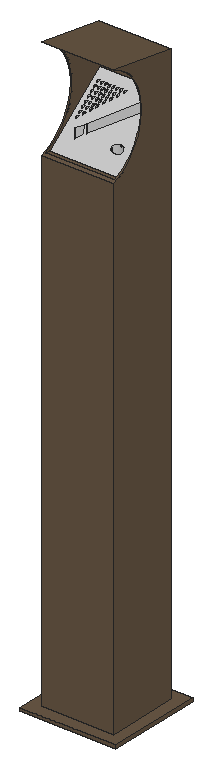
Revit family "Cenicero Clash", category Furniture, Revit 2020
Family settings
  Work Plane-Based = No
  Always vertical = Yes
  Cut with Voids When Loaded = No
  Shared = No
  Room Calculation Point = No
Parameters (values of type "Cenicero Clash-VC1-1000mm")
  URL Producto = "https://www.benito.com/es/mobiliario-urbano/complementos/clash--VC1.html"
  Type Comments = ""
  Referencia = "VC1"
  Material = Acero Ferrus
  H1 = 0.170 m
  H = 1.000 m
  Ficha técnica = "https://www.benito.com/es/download/data-sheet-VC1"
  Fabricante = "BENITO URBAN SL"
  Description = "Cenicero de pie fabricado con cuerpo y cubeta fabricado en acero con tratamiento Ferrus"
  Default Elevation = 0.000 m
  C = 0.120 m
  A = 0.160 m
Types (2, lengths in m): name | Referencia | H | A
  Cenicero Clash-VC1-1000mm | "VC1" | 1.000 | 0.160
  Cenicero Clash-VC2-355mm | "VC2" | 0.355 | 0.120
Reference planes (m)
  plane 1 "Center (Front/Back)": y = 0
  plane 2: z = 0
  plane 3 "Center (Left/Right)": x = 0
  plane 4: z = 1
  plane 5: x = 0.08
  plane 6: x = -0.08
  plane 7: y = 0.08
  plane 8: y = -0.08
  plane 9: x = 0.06
  plane 10: x = -0.06
  plane 11: y = 0.06
  plane 12: y = -0.06
  plane 13: z = 0.83
  plane 14: z = 0.95
  plane 15: z = 0.78
Forms (m)
  Extrusion 1, solid, material "Acero Ferrus"
    sketch origin (0, 0, 0) x (1, 0, 0) y (0, 1, 0)
      loop
        line (-0.08, 0.08) -> (-0.08, -0.08) -> (0.08, -0.08) -> (0.08, 0.08) -> (-0.08, 0.08)
    from 0 to 0.005
  Extrusion 2, solid, material "Acero Ferrus"
    sketch origin (0, 0, 0) x (1, 0, 0) y (0, 1, 0)
      loop
        line (-0.06, 0.06) -> (-0.06, -0.06) -> (0.06, -0.06) -> (0.06, 0.06) -> (-0.06, 0.06)
    from 0.005 to 1
  Extrusion 3, void
    sketch origin (0, 0, 0) x (0, 1, 0) y (0, 0, 1)
      loop
        arc (-0.06, 0.83) -> (0, 0.915) -> (-0.06, 1) r 0.090208
        line (-0.06, 1) -> (-0.06, 0.83)
    from -0.092453 to 0.091108
  Extrusion 4, void
    sketch origin (0, 0, 0) x (0, 1, 0) y (0, 0, 1)
      loop
        line (-0.06, 1) -> (0.06, 0.98) -> (0.06, 1) -> (-0.06, 1)
    from -0.120066 to 0.121697
  Extrusion 5, void
    sketch origin (0, 0, 0) x (0, 1, 0) y (0, 0, 1)
      loop
        line (0.0575, 0.977882) -> (-0.057911, 0.997117) -> (-0.057911, 0.8325) -> (0.0575, 0.8325) -> (0.0575, 0.977882)
    from -0.0575 to 0.0575
  Extrusion 6, solid, material "Acero galvanizado"
    sketch origin (0, 0, 0) x (0, 1, 0) y (0, 0, 1)
      loop
        line (-0.046701, 0.8325) -> (0.0575, 0.8325) -> (0.0575, 0.913911) -> (-0.046701, 0.8325)
    from -0.0575 to 0.0575
  Extrusion 7, void
    sketch origin (0, 0, 0) x (1, 0, 0) y (0, 1, 0)
      loop
        circle (-0.04674, -0.0029) r 0.002
      loop
        circle (-0.04674, 0.003566) r 0.002
      loop
        circle (-0.04674, 0.010116) r 0.002
      loop
        circle (-0.04674, 0.016079) r 0.002
      loop
        circle (-0.04674, 0.022461) r 0.002
      loop
        circle (-0.04674, 0.028675) r 0.002
      loop
        circle (-0.04674, 0.034805) r 0.002
      loop
        circle (-0.04674, 0.041187) r 0.002
      loop
        circle (-0.04024, 0.003566) r 0.002
      loop
        circle (-0.04024, 0.010116) r 0.002
      loop
        circle (-0.04024, 0.016079) r 0.002
      loop
        circle (-0.04024, 0.022461) r 0.002
      loop
        circle (-0.04024, 0.028675) r 0.002
      loop
        circle (-0.04024, 0.034805) r 0.002
      loop
        circle (-0.04024, 0.041187) r 0.002
      loop
        circle (-0.03374, 0.010116) r 0.002
      loop
        circle (-0.03374, 0.016079) r 0.002
      loop
        circle (-0.03374, 0.022461) r 0.002
      loop
        circle (-0.03374, 0.028675) r 0.002
      loop
        circle (-0.03374, 0.034805) r 0.002
      loop
        circle (-0.03374, 0.041187) r 0.002
      loop
        circle (-0.02724, 0.016079) r 0.002
      loop
        circle (-0.02724, 0.022461) r 0.002
      loop
        circle (-0.02724, 0.028675) r 0.002
      loop
        circle (-0.02724, 0.034805) r 0.002
      loop
        circle (-0.02724, 0.041187) r 0.002
      loop
        circle (-0.02074, 0.022461) r 0.002
      loop
        circle (-0.02074, 0.028675) r 0.002
      loop
        circle (-0.02074, 0.034805) r 0.002
      loop
        circle (-0.02074, 0.041187) r 0.002
      loop
        circle (-0.01424, 0.028675) r 0.002
      loop
        circle (-0.01424, 0.034805) r 0.002
      loop
        circle (-0.01424, 0.041187) r 0.002
      loop
        circle (-0.00774, 0.034805) r 0.002
      loop
        circle (-0.00774, 0.041187) r 0.002
      loop
        circle (-0.00124, 0.041187) r 0.002
      loop
        line (-0.028264, -0.005073) -> (-0.020869, -0.015508) -> (0.040867, 0.029708) -> (0.03304, 0.040146) -> (-0.028264, -0.005073)
      loop
        line (-0.023041, -0.017248) -> (-0.030436, -0.006814) -> (-0.04087, -0.014202) -> (-0.033044, -0.02464) -> (-0.023041, -0.017248)
      loop
        spline (0.024369, -0.019376) -> (0.02471, -0.02085) -> (0.025709, -0.022224) -> (0.027298, -0.023403) -> (0.029369, -0.024309) -> (0.031781, -0.024877) -> (0.034369, -0.025072) -> (0.036957, -0.024877) -> (0.039369, -0.024309) -> (0.04144, -0.023403) -> (0.043029, -0.022224) -> (0.044028, -0.02085) -> (0.044369, -0.019376)
        spline (0.044369, -0.019376) -> (0.044028, -0.017902) -> (0.043029, -0.016529) -> (0.04144, -0.015349) -> (0.039369, -0.014444) -> (0.036957, -0.013875) -> (0.034369, -0.013681) -> (0.031781, -0.013875) -> (0.029369, -0.014444) -> (0.027298, -0.015349) -> (0.025709, -0.016529) -> (0.02471, -0.017902) -> (0.024369, -0.019376)
    from 0.78 to 0.95
Cuts and joins
  Extrusion 3, Extrusion 4, Extrusion 5, Extrusion 7 cuts Extrusion 2
  Extrusion 7 cuts Extrusion 1
  Extrusion 7 cuts Extrusion 6
Dimensions and locks (m)
  "H": plane 4 to plane 2
  equal spacing: plane 6, plane 3 "Center (Left/Right)", plane 5
  "A": plane 6 to plane 5
  equal spacing: plane 8, plane 1 "Center (Front/Back)", plane 7
  "A": plane 8 to plane 7
  equal spacing: plane 10, plane 3 "Center (Left/Right)", plane 9
  "C": plane 10 to plane 9
  equal spacing: plane 12, plane 1 "Center (Front/Back)", plane 11
  "C": plane 12 to plane 11
  "H1": plane 4 to plane 13
  locked: plane 4 to plane 14 at 0.05
  locked: plane 13 to plane 15 at 0.05
  aligned and locked: level to plane 2
  aligned and locked: Extrusion 2 to Extrusion 1
  aligned and locked: plane 4 to Extrusion 2
  aligned and locked: plane 4 to Extrusion 4 sketch curve
  aligned and locked: Extrusion 4 sketch curve to plane 11
  aligned and locked: Extrusion 6 to cut or joined group of Extrusion 2, Extrusion 3, Extrusion 4, Extrusion 5, Extrusion 7
  aligned and locked: cut or joined group of Extrusion 2, Extrusion 3, Extrusion 4, Extrusion 5, Extrusion 7 to Extrusion 6
  aligned and locked: plane 14 to Extrusion 7
  aligned and locked: Extrusion 7 to plane 15
Automatic sketch dimensions
  Extrusion 1 sketch curve to plane 6 = 0.000 m
  Extrusion 1 sketch curve to plane 5 = 0.000 m
  plane 8 to Extrusion 1 sketch curve = 0.000 m
  plane 7 to Extrusion 1 sketch curve = 0.000 m
  Extrusion 2 sketch curve to plane 10 = 0.000 m
  Extrusion 2 sketch curve to plane 9 = 0.000 m
  plane 12 to Extrusion 2 sketch curve = 0.000 m
  plane 11 to Extrusion 2 sketch curve = 0.000 m
  Extrusion 3 sketch curve to plane 4 = 0.000 m
  Extrusion 3 sketch curve to plane 12 = 0.000 m
  Extrusion 3 sketch curve to plane 13 = 0.000 m
  plane 8 to Extrusion 3 sketch curve = 0.010208 m
  Extrusion 5 sketch curve to plane 12 = 0.002089 m
  plane 11 to Extrusion 5 sketch curve = 0.0025 m
  plane 13 to Extrusion 5 sketch curve = 0.0025 m
  Extrusion 5 sketch curve to plane 4 = 0.022118 m
  Extrusion 5 sketch curve to plane 4 = 0.002883 m
  Extrusion 4 sketch curve to plane 12 = 0.000 m
  Extrusion 4 sketch curve to Extrusion 4 sketch curve = 0.020 m
  plane 11 to Extrusion 6 sketch curve = 0.0025 m
  plane 13 to Extrusion 6 sketch curve = 0.0025 m
  Extrusion 6 sketch curve to plane 12 = 0.013299 m
  Extrusion 6 sketch curve to Extrusion 6 sketch curve = 0.081411 m
  plane 10 to Extrusion 7 sketch curve = 0.01326 m  (x2)
  Extrusion 7 sketch curve to plane 1 "Center (Front/Back)" = 0.016079 m  (x4)
  Extrusion 7 sketch curve to Extrusion 7 sketch curve = 0.000 m  (x25)
  Extrusion 7 sketch curve to Extrusion 7 sketch curve = 0.00587 m
  Extrusion 7 sketch curve to Extrusion 7 sketch curve = 0.0065 m  (x10)
  Extrusion 7 sketch curve to Extrusion 7 sketch curve = 0.007827 m  (x2)
  Extrusion 7 sketch curve to Extrusion 7 sketch curve = 0.010434 m  (x2)
  Extrusion 7 sketch curve to Extrusion 7 sketch curve = 0.002172 m  (x2)
  Extrusion 7 sketch curve to Extrusion 7 sketch curve = 0.010003 m
  Extrusion 7 sketch curve to plane 3 "Center (Left/Right)" = 0.00124 m
  Extrusion 7 sketch curve to plane 9 = 0.02696 m
  Extrusion 7 sketch curve to plane 1 "Center (Front/Back)" = 0.010116 m  (x3)
  Extrusion 7 sketch curve to Extrusion 7 sketch curve = 0.00655 m
  Extrusion 7 sketch curve to Extrusion 7 sketch curve = 0.006466 m
  Extrusion 7 sketch curve to Extrusion 7 sketch curve = 0.00864 m
  Extrusion 7 sketch curve to Extrusion 7 sketch curve = 0.001741 m  (x2)
  Extrusion 7 sketch curve to Extrusion 7 sketch curve = 0.011302 m
  Extrusion 7 sketch curve to Extrusion 7 sketch curve = 0.007391 m
  Extrusion 7 sketch curve to Extrusion 7 sketch curve = 0.006382 m  (x12)
  Extrusion 7 sketch curve to plane 1 "Center (Front/Back)" = 0.022461 m
  Extrusion 7 sketch curve to Extrusion 7 sketch curve = 0.006214 m  (x5)
  Extrusion 7 sketch curve to plane 1 "Center (Front/Back)" = 0.029708 m
  Extrusion 7 sketch curve to Extrusion 7 sketch curve = 0.00613 m  (x7)
  Extrusion 7 sketch curve to Extrusion 7 sketch curve = 0.010438 m
  plane 3 "Center (Left/Right)" to Extrusion 7 sketch curve = 0.024369 m
  Extrusion 7 sketch curve to Extrusion 7 sketch curve = 0.010 m
  Extrusion 7 sketch curve to plane 12 = 0.040624 m
  radius of Extrusion 7 sketch curve = 0.002 m  (x36)
